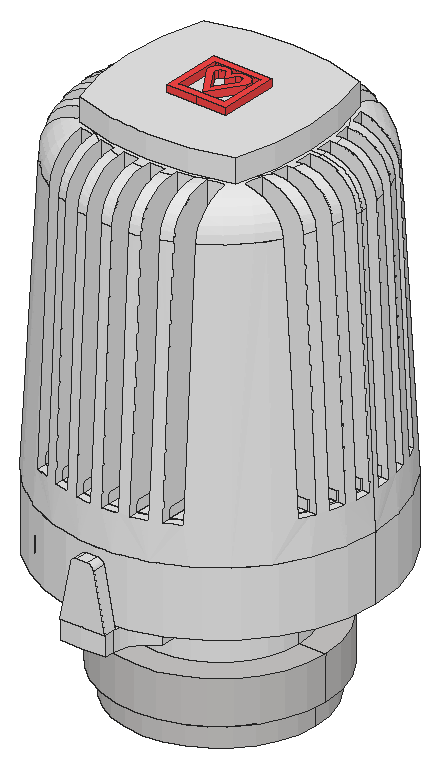
Revit family "HERZ-Thermostatkopf M28x1.5 7230", category Rohrzubehör, Revit 2021
Family settings
  Bemaßung runder Anschluss = Durchmesser verwenden
  Teiletyp = Normal
  OmniClass-Nummer = 23.65.55.14
  OmniClass-Titel = Valves for Liquid Services
  Arbeitsebenenbasiert = Nein
  Immer vertikal = Nein
  Beim Laden mit Abzugskörper schneiden = Nein
  Gemeinsam genutzt = Nein
Parameters
  automatische Frostsicherung = "bei ca. 6°C"  # constant formula
  W02 = 120.00°  # constant formula
  W01 = 135.00°  # constant formula
  Vorgabe-Ansicht = 0.000 mm
  URL = "www.herz-armaturen.at"
  Sollwerbereich = "0 - 28°C"  # constant formula
  S02 = 60.000 mm  # constant formula
  S01 = H02 + H07  # 76.000 mm
  R07 = 6.000 mm  # constant formula
  R06 = 24.000 mm  # constant formula
  R05 = 16.350 mm  # constant formula
  R04 = 14.750 mm  # constant formula
  R03 = 13.200 mm  # constant formula
  R02 = 12.200 mm  # constant formula
  R01 = 22.400 mm  # constant formula
  Hersteller = "HERZ Armaturen Ges.m.b.H."  # constant formula
  Handrad = "Kunststoff, weiß"  # constant formula
  H09 = 3.500 mm  # constant formula
  H08 = 10.000 mm  # constant formula
  H07 = 59.000 mm  # constant formula
  H06 = 3.000 mm  # constant formula
  H05 = 10.500 mm  # constant formula
  H03 = 5.500 mm  # constant formula
  H02 = 17.000 mm  # constant formula
  H01 = 34.000 mm  # constant formula
  Funktionsweise = "Der HERZ-Thermostat dient als Fühl- und Regelelement.\r\nDurch die Volumsänderung der Flüssigkeitsfüllung im HERZ-Hydrosensor wird die Schubspindel des Ventils bewegt."
  Bestellnummer = 1723006  # constant formula
  Ausführung = "Heizkörperthermostat mit Flüssigkeitsfühler (Hydrosensor)\r\nmit Stellung „0“, Frostsicherung einstellbar, mit Begrenzung und Blockierung des Sollwertbereiches. Handradfarbe weiß."
  Anwendungen = "Zur Montage auf allen HERZ-Ventilen, die für thermostatischen Betrieb eingerichtet sind."
Reference planes
  plane 1 "Mitte (Vorne/hinten)": y = 0
  plane 2: z = 0
  plane 3 "Mitte (Links/rechts)": x = 0
Forms (mm)
  Revolve 1, solid, material "Kunststoff weiß", detail levels fine
    sketch origin (0, 0, 0) x (1, 0, 0) y (0, 0, 1)
      loop
        line (0, 0) -> (13.2, 0) -> (13.2, 4.5) -> (12.2, 5.5) -> (12.2, 17) -> (22.4, 17) -> (22.4, 34) -> (0, 34) -> (0, 0)
      axis (0, 34) -> (0, 0)
    angle from 0 to 360
  Revolve 2, solid, material "Messing verzinkt", detail levels fine
    sketch origin (0, 0, 0) x (1, 0, 0) y (0, 0, 1)
      loop
        line (0, 5.5) -> (13.2, 5.5) -> (13.2, -3.063) -> (14.75, -3.063) -> (14.75, -0.063) -> (16.35, 0.861) -> (16.35, 7.437) -> (0, 7.437) -> (0, 5.5)
      axis (0, 7.437) -> (0, -3.063)
    angle from 0 to 360
  Revolve 3, solid, material "Kunststoff weiß", detail levels fine
    sketch origin (0, 0, 0) x (1, 0, 0) y (0, 0, 1)
      loop
        line (0, 17) -> (24, 17) -> (24, 27) -> (21.791, 70.306)
        arc (21.791, 70.306) -> (19.931, 74.349) -> (15.798, 76) r 6
        line (15.798, 76) -> (0, 76) -> (0, 17)
      axis (0, 76) -> (0, 17)
    angle from 0 to 360
  Extrusion 4, void
    sketch origin (0, 0, 0) x (1, 0, 0) y (0, 1, 0)
      loop
        line (24.458, 0.8) -> (24.458, 3.2) -> (14.361, 3.2)
        arc (14.361, 3.2) -> (14.446, 2.001) -> (14.491, 0.8) r 37
        line (14.491, 0.8) -> (24.458, 0.8)
      loop
        line (24.458, 4.8) -> (24.458, 7.2) -> (13.793, 7.2)
        arc (13.793, 7.2) -> (14.01, 6.003) -> (14.187, 4.8) r 37
        line (14.187, 4.8) -> (24.458, 4.8)
      loop
        line (24.458, 8.8) -> (24.458, 11.2) -> (12.764, 11.2)
        arc (12.764, 11.2) -> (13.121, 10.006) -> (13.438, 8.8) r 37
        line (13.438, 8.8) -> (24.458, 8.8)
      loop
        line (24.458, -0.8) -> (14.491, -0.8)
        arc (14.491, -0.8) -> (14.446, -2.001) -> (14.361, -3.2) r 37
        line (14.361, -3.2) -> (24.458, -3.2) -> (24.458, -0.8)
      loop
        line (24.458, -4.8) -> (14.187, -4.8)
        arc (14.187, -4.8) -> (14.01, -6.003) -> (13.793, -7.2) r 37
        line (13.793, -7.2) -> (24.458, -7.2) -> (24.458, -4.8)
      loop
        line (24.458, -8.8) -> (13.438, -8.8)
        arc (13.438, -8.8) -> (13.121, -10.006) -> (12.764, -11.2) r 37
        line (12.764, -11.2) -> (24.458, -11.2) -> (24.458, -8.8)
      loop
        line (-24.458, 0.8) -> (-14.491, 0.8)
        arc (-14.491, 0.8) -> (-14.446, 2.001) -> (-14.361, 3.2) r 37
        line (-14.361, 3.2) -> (-24.458, 3.2) -> (-24.458, 0.8)
      loop
        line (-24.458, 4.8) -> (-14.187, 4.8)
        arc (-14.187, 4.8) -> (-14.01, 6.003) -> (-13.793, 7.2) r 37
        line (-13.793, 7.2) -> (-24.458, 7.2) -> (-24.458, 4.8)
      loop
        line (-24.458, 8.8) -> (-13.438, 8.8)
        arc (-13.438, 8.8) -> (-13.121, 10.006) -> (-12.764, 11.2) r 37
        line (-12.764, 11.2) -> (-24.458, 11.2) -> (-24.458, 8.8)
      loop
        line (-24.458, -0.8) -> (-24.458, -3.2) -> (-14.361, -3.2)
        arc (-14.361, -3.2) -> (-14.446, -2.001) -> (-14.491, -0.8) r 37
        line (-14.491, -0.8) -> (-24.458, -0.8)
      loop
        line (-24.458, -4.8) -> (-24.458, -7.2) -> (-13.793, -7.2)
        arc (-13.793, -7.2) -> (-14.01, -6.003) -> (-14.187, -4.8) r 37
        line (-14.187, -4.8) -> (-24.458, -4.8)
      loop
        line (-24.458, -8.8) -> (-24.458, -11.2) -> (-12.764, -11.2)
        arc (-12.764, -11.2) -> (-13.121, -10.006) -> (-13.438, -8.8) r 37
        line (-13.438, -8.8) -> (-24.458, -8.8)
      loop
        line (0.8, 24.458) -> (0.8, 14.491)
        arc (0.8, 14.491) -> (2.001, 14.446) -> (3.2, 14.361) r 37
        line (3.2, 14.361) -> (3.2, 24.458) -> (0.8, 24.458)
      loop
        line (4.8, 24.458) -> (4.8, 14.187)
        arc (4.8, 14.187) -> (6.003, 14.01) -> (7.2, 13.793) r 37
        line (7.2, 13.793) -> (7.2, 24.458) -> (4.8, 24.458)
      loop
        line (8.8, 24.458) -> (8.8, 13.438)
        arc (8.8, 13.438) -> (10.006, 13.121) -> (11.2, 12.764) r 37
        line (11.2, 12.764) -> (11.2, 24.458) -> (8.8, 24.458)
      loop
        line (-0.8, 24.458) -> (-3.2, 24.458) -> (-3.2, 14.361)
        arc (-3.2, 14.361) -> (-2.001, 14.446) -> (-0.8, 14.491) r 37
        line (-0.8, 14.491) -> (-0.8, 24.458)
      loop
        line (-4.8, 24.458) -> (-7.2, 24.458) -> (-7.2, 13.793)
        arc (-7.2, 13.793) -> (-6.003, 14.01) -> (-4.8, 14.187) r 37
        line (-4.8, 14.187) -> (-4.8, 24.458)
      loop
        line (-8.8, 24.458) -> (-11.2, 24.458) -> (-11.2, 12.764)
        arc (-11.2, 12.764) -> (-10.006, 13.121) -> (-8.8, 13.438) r 37
        line (-8.8, 13.438) -> (-8.8, 24.458)
      loop
        line (0.8, -24.458) -> (3.2, -24.458) -> (3.2, -14.361)
        arc (3.2, -14.361) -> (2.001, -14.446) -> (0.8, -14.491) r 37
        line (0.8, -14.491) -> (0.8, -24.458)
      loop
        line (4.8, -24.458) -> (7.2, -24.458) -> (7.2, -13.793)
        arc (7.2, -13.793) -> (6.003, -14.01) -> (4.8, -14.187) r 37
        line (4.8, -14.187) -> (4.8, -24.458)
      loop
        line (8.8, -24.458) -> (11.2, -24.458) -> (11.2, -12.764)
        arc (11.2, -12.764) -> (10.006, -13.121) -> (8.8, -13.438) r 37
        line (8.8, -13.438) -> (8.8, -24.458)
      loop
        line (-0.8, -24.458) -> (-0.8, -14.491)
        arc (-0.8, -14.491) -> (-2.001, -14.446) -> (-3.2, -14.361) r 37
        line (-3.2, -14.361) -> (-3.2, -24.458) -> (-0.8, -24.458)
      loop
        line (-4.8, -24.458) -> (-4.8, -14.187)
        arc (-4.8, -14.187) -> (-6.003, -14.01) -> (-7.2, -13.793) r 37
        line (-7.2, -13.793) -> (-7.2, -24.458) -> (-4.8, -24.458)
      loop
        line (-8.8, -24.458) -> (-8.8, -13.438)
        arc (-8.8, -13.438) -> (-10.006, -13.121) -> (-11.2, -12.764) r 37
        line (-11.2, -12.764) -> (-11.2, -24.458) -> (-8.8, -24.458)
    from 32.5 to 78
  Extrusion 5, solid, material "Kunststoff weiß", detail levels fine
    sketch origin (0, 0, 0) x (1, 0, 0) y (0, 1, 0)
      loop
        arc (12, 12) -> (0, 14) -> (-12, 12) r 37
        arc (-12, 12) -> (-14, 0) -> (-12, -12) r 37
        arc (-12, -12) -> (0, -14) -> (12, -12) r 37
        arc (12, -12) -> (14, 0) -> (12, 12) r 37
    from 76 to 79.5
  Extrusion 6, solid, material "Kunststoff weiß", detail levels fine
    sketch origin (0.017, -0.017, 0) x (0, -1, 0) y (1, 0, 0)
      loop
        line (14.714, 6.983) -> (14.714, -7.017) -> (19.645, -7.017)
        arc (19.645, -7.017) -> (21.761, -4.508) -> (24.882, -3.488) r 6
        line (24.882, -3.488) -> (26.272, -3.488)
        arc (26.272, -3.488) -> (26.5, 0) -> (26.267, 3.488) r 26.5
        line (26.267, 3.488) -> (24.882, 3.488)
        arc (24.882, 3.488) -> (21.777, 4.497) -> (19.66, 6.983) r 6
        line (19.66, 6.983) -> (14.714, 6.983)
    from 14 to 17
  Extrusion 7, solid, material "Kunststoff weiß", detail levels fine
    sketch origin (0.017, -0.017, 0) x (1, 0, 0) y (0, 0, 1)
      loop
        arc (-0.8, 26.1) -> (-1.432, 25.875) -> (-1.779, 25.302) r 1
        line (-1.779, 25.302) -> (-3.488, 17) -> (3.488, 17) -> (1.779, 25.302)
        arc (1.779, 25.302) -> (1.432, 25.875) -> (0.8, 26.1) r 1
        line (0.8, 26.1) -> (-0.8, 26.1)
    from 26.5 to 24.5
Cuts and joins
  Extrusion 4 cuts Revolve 1
  Extrusion 4 cuts Revolve 3
Lines and regions (mm)
  model lines, detail levels coarse+medium
    curve 1: line (0, 0, 0) -> (0, 0, 16)
    curve 2: line (0, 0, 0) -> (0, 16, 0)
    curve 3: circle (0, 0, 46) r 30 normal (0, -1, 0)
    curve 4: circle (0, 0, 46) r 30 normal (1, 0, 0)
    curve 5: line (0, 0, 26) -> (0, 0, 66)
    curve 6: line (0, 17.5, 66) -> (0, -17.5, 66)
    curve 7: line (0, 0, 26) -> (0, 0, 66)
    curve 8: line (-17.5, 0, 66) -> (17.5, 0, 66)
    curve 9: circle (0, 46, 0) r 30 normal (0, 0, 1)
    curve 10: line (0, 26, 0) -> (0, 66, 0)
    curve 11: line (-17.5, 66, 0) -> (17.5, 66, 0)
Dimensions and locks
  "H01": Revolve 1 sketch curve to Revolve 1 sketch curve
  "H02": Revolve 1 sketch curve to Revolve 1 sketch curve
  "H03": Revolve 1 sketch curve to Revolve 1 sketch curve
  "R01": Revolve 1 sketch curve to Revolve 1 sketch curve
  "R02": Revolve 1 sketch curve to Revolve 1 sketch curve
  "R03": Revolve 1 sketch curve to Revolve 1 sketch curve
  "H05": Revolve 2 sketch curve to Revolve 2 sketch curve
  "H06": Revolve 2 sketch curve to Revolve 2 sketch curve
  "H03": Revolve 2 sketch curve to plane 2
  "R04": Revolve 2 sketch curve to plane 3 "Mitte (Links/rechts)"
  "R03": plane 3 "Mitte (Links/rechts)" to Revolve 2 sketch curve
  "R05": Revolve 2 sketch curve to plane 3 "Mitte (Links/rechts)"
  "H08": Revolve 3 sketch curve to Revolve 3 sketch curve
  "R06": Revolve 3 sketch curve to Revolve 3 sketch curve
  "H02": Revolve 3 sketch curve to plane 2
  "H07": Revolve 3 sketch curve to Revolve 3 sketch curve
  "S01": curve 4 to plane 2
  "S01": curve 3 to plane 2
  "S01": plane 1 "Mitte (Vorne/hinten)" to curve 9
  "R07": radius of Revolve 3 sketch curve
  "S02": diameter of curve 3
  "S02": diameter of curve 4
  "S02": diameter of curve 9
  "W01": angle Revolve 1 sketch curve to Revolve 1 sketch curve
  "W02": angle Revolve 2 sketch curve to Revolve 2 sketch curve
  aligned and locked: level to plane 2
Automatic sketch dimensions
  plane 1 "Mitte (Vorne/hinten)" to Extrusion 5 sketch curve = 0.000 mm  (x2)
  Extrusion 5 sketch curve to plane 3 "Mitte (Links/rechts)" = 0.000 mm  (x2)
  Extrusion 5 sketch curve to plane 3 "Mitte (Links/rechts)" = 23.000 mm
  plane 3 "Mitte (Links/rechts)" to Extrusion 5 sketch curve = 23.000 mm
  plane 1 "Mitte (Vorne/hinten)" to Extrusion 5 sketch curve = 23.000 mm
  Extrusion 5 sketch curve to plane 1 "Mitte (Vorne/hinten)" = 23.000 mm
  Extrusion 5 sketch curve to plane 3 "Mitte (Links/rechts)" = 12.000 mm  (x2)
  plane 3 "Mitte (Links/rechts)" to Extrusion 5 sketch curve = 12.000 mm
  plane 1 "Mitte (Vorne/hinten)" to Extrusion 5 sketch curve = 12.000 mm
  Extrusion 4 sketch curve to Extrusion 4 sketch curve = 0.000 mm  (x58)
  plane 1 "Mitte (Vorne/hinten)" to Extrusion 4 sketch curve = 0.000 mm  (x2)
  Extrusion 4 sketch curve to plane 3 "Mitte (Links/rechts)" = 0.000 mm  (x2)
  Extrusion 4 sketch curve to plane 3 "Mitte (Links/rechts)" = 0.800 mm  (x2)
  Extrusion 4 sketch curve to Extrusion 4 sketch curve = 2.400 mm  (x12)
  Extrusion 4 sketch curve to Extrusion 4 sketch curve = 1.600 mm  (x16)
  Extrusion 4 sketch curve to Extrusion 4 sketch curve = 1.564 mm  (x8)
  Extrusion 4 sketch curve to Extrusion 4 sketch curve = 0.674 mm  (x5)
  Extrusion 4 sketch curve to Extrusion 4 sketch curve = 0.354 mm  (x8)
  Extrusion 4 sketch curve to Extrusion 4 sketch curve = 0.395 mm  (x4)
  Extrusion 4 sketch curve to Extrusion 4 sketch curve = 0.174 mm  (x8)
  plane 1 "Mitte (Vorne/hinten)" to Extrusion 4 sketch curve = 0.800 mm  (x2)
  Extrusion 4 sketch curve to Extrusion 4 sketch curve = 0.130 mm  (x2)
  Extrusion 4 sketch curve to plane 1 "Mitte (Vorne/hinten)" = 0.800 mm  (x2)
  Extrusion 4 sketch curve to Extrusion 4 sketch curve = 8.009 mm  (x3)
  Extrusion 4 sketch curve to Extrusion 4 sketch curve = 1.958 mm  (x7)
  plane 3 "Mitte (Links/rechts)" to Extrusion 4 sketch curve = 0.800 mm  (x2)
  Extrusion 4 sketch curve to Extrusion 4 sketch curve = 11.019 mm
  Extrusion 6 sketch curve to plane 3 "Mitte (Links/rechts)" = 0.000 mm
  plane 1 "Mitte (Vorne/hinten)" to Extrusion 6 sketch curve = 0.017 mm
  Extrusion 6 sketch curve to plane 3 "Mitte (Links/rechts)" = 7.000 mm
  plane 1 "Mitte (Vorne/hinten)" to Extrusion 6 sketch curve = 14.731 mm
  Extrusion 6 sketch curve to Extrusion 6 sketch curve = 4.930 mm
  Extrusion 6 sketch curve to Extrusion 6 sketch curve = 4.946 mm
  Extrusion 6 sketch curve to plane 3 "Mitte (Links/rechts)" = 3.471 mm
  Extrusion 6 sketch curve to Extrusion 6 sketch curve = 5.237 mm
  Extrusion 6 sketch curve to Extrusion 6 sketch curve = 5.222 mm
  Extrusion 6 sketch curve to Extrusion 6 sketch curve = 5.470 mm
  Extrusion 6 sketch curve to Extrusion 6 sketch curve = 0.233 mm
  Extrusion 6 sketch curve to Extrusion 6 sketch curve = 1.390 mm
  plane 3 "Mitte (Links/rechts)" to Extrusion 6 sketch curve = 3.505 mm
  Extrusion 6 sketch curve to Extrusion 6 sketch curve = 3.495 mm
  Extrusion 6 sketch curve to Extrusion 6 sketch curve = 0.000 mm
  Extrusion 7 sketch curve to plane 3 "Mitte (Links/rechts)" = 3.471 mm
  Extrusion 7 sketch curve to plane 3 "Mitte (Links/rechts)" = 1.763 mm
  Extrusion 7 sketch curve to plane 3 "Mitte (Links/rechts)" = 0.783 mm
  plane 3 "Mitte (Links/rechts)" to Extrusion 7 sketch curve = 0.817 mm
  Extrusion 7 sketch curve to Extrusion 7 sketch curve = 0.979 mm
  plane 3 "Mitte (Links/rechts)" to Extrusion 7 sketch curve = 3.505 mm
  level to Extrusion 7 sketch curve = 17.000 mm
  Extrusion 7 sketch curve to Extrusion 7 sketch curve = 8.100 mm
  Extrusion 7 sketch curve to Extrusion 7 sketch curve = 0.000 mm
  Extrusion 7 sketch curve to Extrusion 7 sketch curve = 0.202 mm
  curve 5 to plane 1 "Mitte (Vorne/hinten)" = 0.000 mm
  curve 4 to plane 1 "Mitte (Vorne/hinten)" = 0.000 mm
  plane 1 "Mitte (Vorne/hinten)" to curve 6 = 17.500 mm
  curve 5 to curve 6 = 17.500 mm
  curve 5 to curve 4 = 20.000 mm
  curve 4 to curve 6 = 20.000 mm
  curve 3 to plane 3 "Mitte (Links/rechts)" = 0.000 mm
  curve 7 to plane 3 "Mitte (Links/rechts)" = 0.000 mm
  curve 1 to plane 3 "Mitte (Links/rechts)" = 0.000 mm
  curve 1 to level = 0.000 mm
  curve 8 to plane 3 "Mitte (Links/rechts)" = 17.500 mm
  curve 7 to curve 8 = 17.500 mm
  curve 1 to curve 7 = 10.000 mm
  curve 3 to curve 8 = 20.000 mm
  curve 9 to plane 3 "Mitte (Links/rechts)" = 0.000 mm
  curve 10 to plane 3 "Mitte (Links/rechts)" = 0.000 mm
  curve 2 to plane 3 "Mitte (Links/rechts)" = 0.000 mm
  plane 1 "Mitte (Vorne/hinten)" to curve 2 = 0.000 mm
  curve 11 to curve 10 = 17.500 mm
  plane 3 "Mitte (Links/rechts)" to curve 11 = 17.500 mm
  curve 2 to curve 10 = 10.000 mm
  curve 9 to curve 11 = 20.000 mm
  Revolve 1 sketch curve to level = 0.000 mm
  Revolve 1 sketch curve to plane 3 "Mitte (Links/rechts)" = 0.000 mm  (x2)
  Revolve 1 sketch curve to level = 366.045 mm
  Revolve 1 sketch curve to Revolve 1 sketch curve = 2180.315 mm
  Revolve 2 sketch curve to plane 3 "Mitte (Links/rechts)" = 0.000 mm  (x2)
  level to Revolve 2 sketch curve = 0.861 mm
  Revolve 2 sketch curve to Revolve 2 sketch curve = 362.982 mm
  Revolve 2 sketch curve to Revolve 2 sketch curve = 2206.878 mm
  Revolve 3 sketch curve to plane 3 "Mitte (Links/rechts)" = 0.000 mm  (x2)
  plane 3 "Mitte (Links/rechts)" to Revolve 3 sketch curve = 15.798 mm
  Revolve 3 sketch curve to Revolve 3 sketch curve = 5.992 mm
  Revolve 3 sketch curve to level = 366.045 mm
  Revolve 3 sketch curve to Revolve 3 sketch curve = 2138.315 mm
Nested families
  nested 1: "Herz-Logo" at (0, 0, 79), type "Herz-Logo", detail levels fine
Definition of nested family "Herz-Logo"
  Parameters (values of type "Herz-Logo")
    Default Elevation = 0.000 mm
  Reference planes
    plane 1 "Mitte (Vorne/hinten)": y = 0
    plane 2: z = 0
    plane 3 "Mitte (Links/rechts)": x = 0
  Forms (mm)
    Extrusion 1, solid
      sketch origin (0, 0, 0) x (1, 0, 0) y (0, 1, 0)
        loop
          line (-0.018, -4.517) -> (4.482, -4.517) -> (4.482, 4.483) -> (-4.518, 4.483) -> (-4.518, -4.517) -> (-0.018, -4.517)
        loop
          line (-0.05, -3.48) -> (3.482, -3.48) -> (3.482, 3.483) -> (-3.518, 3.483) -> (-3.518, -3.48) -> (-0.05, -3.48)
        loop
          arc (-0.018, 2.383) -> (-1.543, 3.287) -> (-3.067, 2.383) r 1.738
          arc (-3.067, 2.383) -> (-3.191, 1.899) -> (-3.067, 1.415) r 1.009
          line (-3.067, 1.415) -> (-0.018, -3.281) -> (3.032, 1.415)
          arc (3.032, 1.415) -> (3.156, 1.899) -> (3.032, 2.383) r 1.009
          arc (3.032, 2.383) -> (1.507, 3.287) -> (-0.018, 2.383) r 1.738
        loop
          arc (1.885, 1.272) -> (2.005, 1.675) -> (1.885, 2.079) r 0.74
          arc (1.885, 2.079) -> (1.265, 2.416) -> (0.644, 2.079) r 0.74
          line (0.644, 2.079) -> (-0.018, 0.97) -> (-0.679, 2.079)
          arc (-0.679, 2.079) -> (-1.3, 2.416) -> (-1.921, 2.079) r 0.74
          arc (-1.921, 2.079) -> (-2.04, 1.675) -> (-1.921, 1.272) r 0.74
          line (-1.921, 1.272) -> (-0.018, -1.658) -> (1.885, 1.272)
      from 0 to 1.5
  Dimensions and locks
    aligned and locked: level to plane 2
